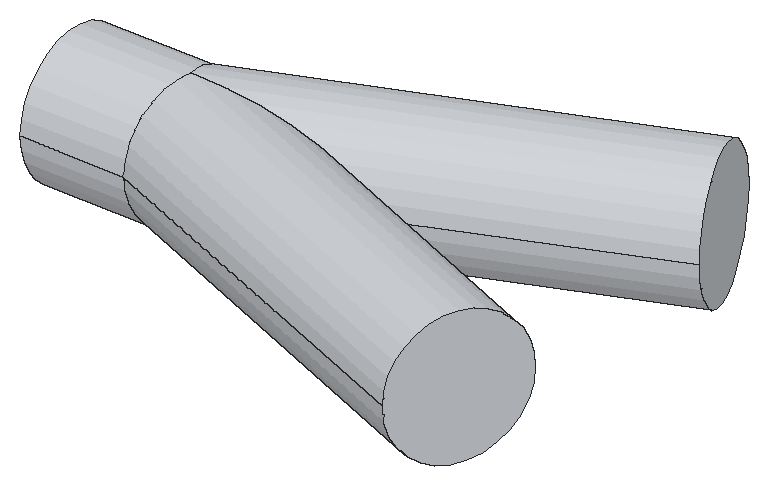
Revit family "c28920d7ccd74f649d202f174dd0596c", category Pipe Fittings, Revit 2021
Family settings
  Round Connector Dimension = Use Radius
  Part Type = Wye
  OmniClass Number = 23.60.30.11.14
  OmniClass Title = Pipework Fittings
  Work Plane-Based = No
  Always vertical = Yes
  Cut with Voids When Loaded = No
  Shared = No
Parameters (values of type "Standard")
  Tick Size [instance] = Fitting Outside Diameter * 0.4  # 2.6500"
  Nominal Radius [instance] = 3.0000"
  Nominal Diameter [instance] = Nominal Radius * 2  # 6.0000"
  Loss Method = K Coefficient from Table
  Lookup Table Name = "Wye - PE - Steel - Fabricated"
  Length 2 [instance] = cos(Angle / 2) * Center to End 1  # 19.45941"
  Length 1 [instance] = sin(Angle / 2) * Center to End 1  # 8.06035"
  K Coefficient Table = "Converging/Diverging Tee/Wye"
  Fitting Outside Radius [instance] = Fitting Outside Diameter / 2  # 3.3125"
  Fitting Outside Diameter [instance] = size_lookup(Lookup Table Name, "FOD", Nominal Diameter, Nominal Diameter)  # 6.6250"
  F Factor [instance] = size_lookup(Lookup Table Name, "Factr", 0.14 * Nominal Diameter + 5.1300", Nominal Diameter)  # 5.0000"
  Default Elevation = 0.0000"
  Center to End 2 [instance] = (Fitting Outside Radius * tan(Angle / 4)) + F Factor  # 5.6589"
  Center to End 1 [instance] = (F Factor / sin(Angle / 2)) + (Fitting Outside Radius / tan(Angle / 2))  # 21.06271"
  Angle 2 [instance] = Angle / 2  # 22.50°
  Angle [instance] = 45.00°
Reference planes (in)
  plane 1 "Center (Front/Back)": y = 0
  plane 2: z = 0
  plane 3 "Center (Left/Right)": x = 0
  plane 4: x = -5.6589
  plane 5: x = 19.45941
  plane 6: y = 2.65
  plane 7: y = -2.65
  plane 8: y = 8.06035
  plane 9: y = -8.06035
Forms (in)
  Sweep 1, solid, detail levels fine
    path origin (0, 0, 0) x (1, 0, 0) y (0, 1, 0)
      loop
        line (-5.6589, 0) -> (0, 0) -> (19.45941, 8.06035)
    profile origin (-2.82945, 0, 0) x (0, 1, 0) y (0, 0, 1)
      loop
        circle (0, 0) r 3.3125
  Sweep 2, solid, detail levels fine
    path origin (0, 0, 0) x (1, 0, 0) y (0, 1, 0)
      loop
        line (0, 0) -> (19.45941, -8.06035)
    profile origin (9.7297, -4.03018, 0) x (0.382683, 0.92388, 0) y (0, 0, 1)
      loop
        circle (0, 0) r 3.3125
Cuts and joins
  joined: Sweep 1, Sweep 2
Lines and regions (in)
  model lines, detail levels coarse+medium
    curve 1: line (-5.6589, 2.65, 0) -> (-5.6589, -2.65, 0)
    curve 5: line (18.4453, 10.50863, 0) -> (20.47352, 5.61207, 0)
    curve 6: line (19.45941, -8.06035, 0) -> (20.47352, -5.61207, 0)
    curve 7: line (19.45941, -8.06035, 0) -> (18.4453, -10.50863, 0)
  model lines, style "PipeFitting", detail levels coarse+medium
    curve 2: line (-5.6589, 0, 0) -> (0, 0, 0)
    curve 3: line (0, 0, 0) -> (19.45941, 8.06035, 0)
    curve 4: line (19.45941, -8.06035, 0) -> (0, 0, 0)
Dimensions and locks (in)
  "Center to End 2": plane 4 to plane 3 "Center (Left/Right)"
  "Tick Size": plane 6 to plane 1 "Center (Front/Back)"
  "Tick Size": plane 7 to plane 1 "Center (Front/Back)"
  "Length 1": plane 1 "Center (Front/Back)" to plane 9
  "Length 1": plane 8 to plane 1 "Center (Front/Back)"
  "Length 2": plane 3 "Center (Left/Right)" to plane 5
  "Center to End 1": curve 3 to curve 3
  "Center to End 1": curve 4 to curve 4
  "Tick Size": curve 3 to curve 5
  "Tick Size": curve 5 to curve 3
  "Tick Size": curve 4 to curve 7
  "Tick Size": curve 6 to curve 4
  "Fitting Outside Radius": radius of Sweep 1 sketch curve
  "Fitting Outside Radius": radius of Sweep 2 sketch curve
  "Angle 2": angle curve 4 to plane 1 "Center (Front/Back)"
  "Angle 2": angle plane 1 "Center (Front/Back)" to curve 3
  aligned and locked: plane 2 to level
  aligned and locked: plane 4 to curve 2
  aligned and locked: plane 1 "Center (Front/Back)" to curve 2
  aligned and locked: plane 6 to curve 1
  aligned and locked: plane 7 to curve 1
  aligned and locked: curve 1 to plane 4
  aligned and locked: plane 3 "Center (Left/Right)" to curve 2
  aligned and locked: plane 5 to Sweep 1 sketch curve
  aligned and locked: plane 8 to Sweep 1 sketch curve
  aligned and locked: plane 3 "Center (Left/Right)" to Sweep 1 sketch curve
  aligned and locked: plane 1 "Center (Front/Back)" to Sweep 1 sketch curve
  aligned and locked: plane 4 to Sweep 1 sketch curve
  aligned and locked: plane 1 "Center (Front/Back)" to Sweep 2 sketch curve
  aligned and locked: plane 3 "Center (Left/Right)" to Sweep 2 sketch curve
  aligned and locked: plane 5 to Sweep 2 sketch curve
  aligned and locked: plane 9 to Sweep 2 sketch curve
Automatic sketch dimensions
  Sweep 1 sketch curve to level = 0.0000"
  Sweep 1 sketch curve to profile plane = 0.0000"
  Sweep 2 sketch curve to level = 0.0000"
  Sweep 2 sketch curve to profile plane = 0.0000"
Connectors (in)
  piping at (-5.6589, 0, 0), diameter 6, driven by "Nominal Radius"
    settings: on Sweep 1, index 1, connector inside diameter 6.0000", connector length 0.0000", flow factor 0, pipe flow 0 GPM, pressure drop 0.00 psi, fitting loss kfactor 0, connector angle 0.00°, fixture units 0, engagement length 0.0000", angle of deflection 0.00°, flow configuration 0, flow direction 0, fitting loss method 0, system type 28, joint type 0, gender type 0, connector reference index -1, connector utility 0, adjustable connector no, is connector primary yes, connector description ""
  piping at (19.45941, 8.06035, 0), diameter 6, driven by "Nominal Radius"
    settings: on Sweep 1, index 2, connector inside diameter 6.0000", connector length 0.0000", flow factor 0, pipe flow 0 GPM, pressure drop 0.00 psi, fitting loss kfactor 0, connector angle 0.00°, fixture units 0, engagement length 0.0000", angle of deflection 0.00°, flow configuration 0, flow direction 0, fitting loss method 0, system type 28, joint type 0, gender type 0, connector reference index -1, connector utility 0, adjustable connector no, is connector primary no, connector description ""
  piping at (19.45941, -8.06035, 0), diameter 6, driven by "Nominal Radius"
    settings: on Sweep 2, index 3, connector inside diameter 6.0000", connector length 0.0000", flow factor 0, pipe flow 0 GPM, pressure drop 0.00 psi, fitting loss kfactor 0, connector angle 0.00°, fixture units 0, engagement length 0.0000", angle of deflection 0.00°, flow configuration 0, flow direction 0, fitting loss method 0, system type 28, joint type 0, gender type 0, connector reference index -1, connector utility 0, adjustable connector no, is connector primary no, connector description ""
